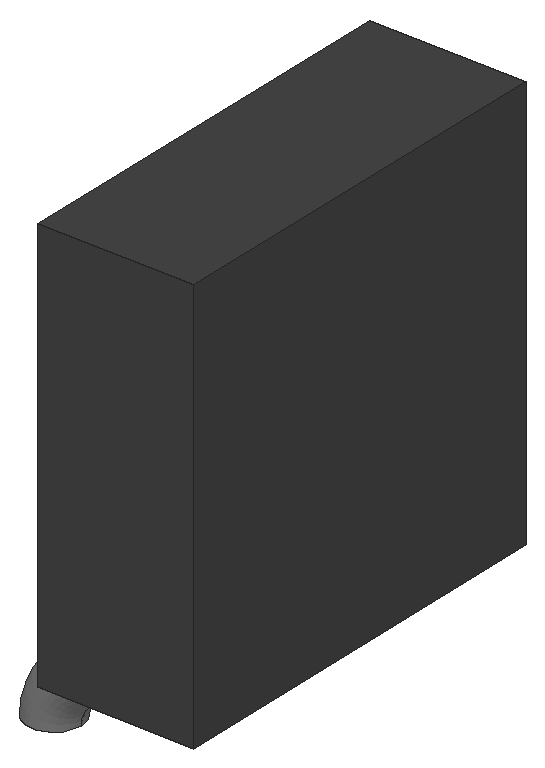
Revit family "避雷接地接線箱-P53", category 電氣設備, Revit 2017
Family settings
  面板規劃 = 兩欄，回路穿越
  圓形接點標註 = 使用直徑
  組件類型 = 配電盤
  以工作平面為基礎 = 否
  總是垂直 = 是
  載入時使用空心挖方 = 否
  共用 = 否
  房間計算點 = 否
Types (2): name
  避雷接地接線箱
  避雷接地接線箱-P52
Reference planes
  plane 1 "中心 (前/後)": y = 0
  plane 2: z = 0
  plane 3 "中心 (左/右)": x = 0
Forms (mm)
  Extrusion 1, solid, material "不鏽鋼"
    sketch origin (-75, 0, 200) x (0, -1, 0) y (0, 0, -1)
      loop
        line (-200, 200) -> (-200, -200) -> (200, -200) -> (200, 200) -> (-200, 200)
    from 0 to 150
  Extrusion 2, void
    sketch origin (-75, 0, 200) x (0, -1, 0) y (0, 0, -1)
      loop
        line (-198, 198) -> (-198, -198) -> (198, -198) -> (198, 198) -> (-198, 198)
    from 2 to 148
  Sweep 3, solid, material "PVC管"
    path origin (-75, -200, -182.903) x (0, 0, 1) y (-1, 0, 0)
      loop
        line (158.903, 0) -> (158.903, -25)
        arc (158.903, -25) -> (166.518, -43.385) -> (184.903, -51) r 26
    profile origin (-62.5, -200, -24) x (0, 0, 1) y (0, -1, 0)
      loop
        circle (-26, -116) r 26
  Sweep 4, solid, material "PVC管"
    path origin (-75, -144, -182.903) x (0, 0, 1) y (-1, 0, 0)
      loop
        line (158.903, 0) -> (158.903, -25)
        arc (158.903, -25) -> (166.518, -43.385) -> (184.903, -51) r 26
    profile origin (-62.5, -144, -24) x (0, 0, 1) y (0, -1, 0)
      loop
        circle (-26, -116) r 26
  Sweep 5, solid, material "PVC管"
    path origin (-75, -88, -182.903) x (0, 0, 1) y (-1, 0, 0)
      loop
        line (158.903, 0) -> (158.903, -25)
        arc (158.903, -25) -> (166.518, -43.385) -> (184.903, -51) r 26
    profile origin (-62.5, -88, -24) x (0, 0, 1) y (0, -1, 0)
      loop
        circle (-26, -116) r 26
  Sweep 6, solid, material "PVC管"
    path origin (-75, -32, -182.903) x (0, 0, 1) y (-1, 0, 0)
      loop
        line (158.903, 0) -> (158.903, -25)
        arc (158.903, -25) -> (166.518, -43.385) -> (184.903, -51) r 26
    profile origin (-62.5, -32, -24) x (0, 0, 1) y (0, -1, 0)
      loop
        circle (-26, -116) r 26
  Sweep 7, solid, material "PVC管"
    path origin (-75, -200, 82.903) x (0, 0, -1) y (1, 0, 0)
      loop
        line (158.903, 0) -> (158.903, -25)
        arc (158.903, -25) -> (166.518, -43.385) -> (184.903, -51) r 26
    profile origin (-87.5, -200, -76) x (0, 0, -1) y (0, -1, 0)
      loop
        circle (-26, -116) r 26
  Sweep 8, solid, material "PVC管"
    path origin (-75, -144, 82.903) x (0, 0, -1) y (1, 0, 0)
      loop
        line (158.903, 0) -> (158.903, -25)
        arc (158.903, -25) -> (166.518, -43.385) -> (184.903, -51) r 26
    profile origin (-87.5, -144, -76) x (0, 0, -1) y (0, -1, 0)
      loop
        circle (-26, -116) r 26
  Sweep 9, solid, material "PVC管"
    path origin (-75, -88, 82.903) x (0, 0, -1) y (1, 0, 0)
      loop
        line (158.903, 0) -> (158.903, -25)
        arc (158.903, -25) -> (166.518, -43.385) -> (184.903, -51) r 26
    profile origin (-87.5, -88, -76) x (0, 0, -1) y (0, -1, 0)
      loop
        circle (-26, -116) r 26
  Sweep 10, solid, material "PVC管"
    path origin (-75, -32, 82.903) x (0, 0, -1) y (1, 0, 0)
      loop
        line (158.903, 0) -> (158.903, -25)
        arc (158.903, -25) -> (166.518, -43.385) -> (184.903, -51) r 26
    profile origin (-87.5, -32, -76) x (0, 0, -1) y (0, -1, 0)
      loop
        circle (-26, -116) r 26
Cuts and joins
  Extrusion 2 cuts Extrusion 1
Dimensions and locks
  aligned and locked: level to plane 2
